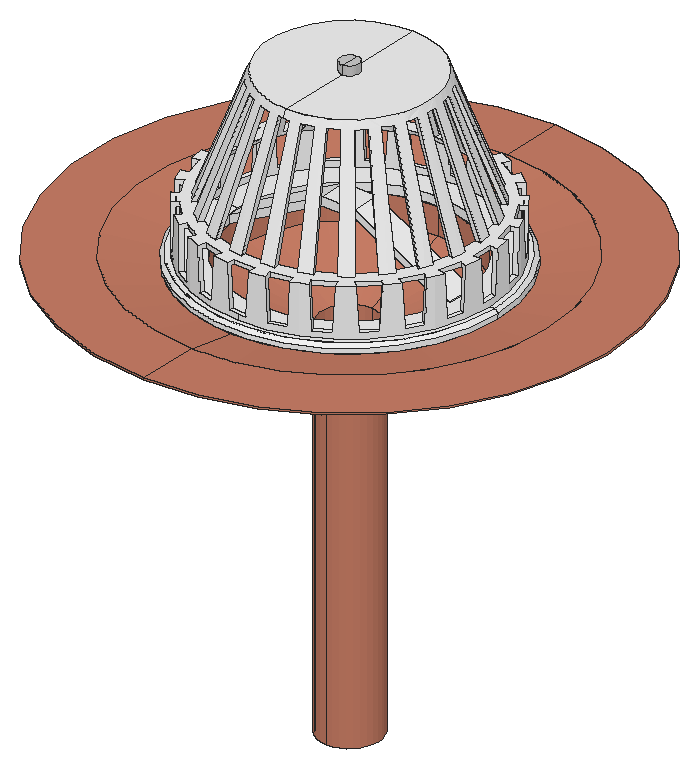
Revit family "Plumbing_Drainage_Menzies-Metal_Clamp-Tite_Copper-Drain", category Plumbing Fixtures, host Face, Revit 2015
Parameters (values of type "2"")
  Weight = 5.25 lbf
  URL = "https://www.menzies-metal.com/"
  Product data url = "https://bimobject.com/menzies-metal/product/clamptite-copper"
  Product Material = Metal - Menzies Metal Products - Copper
  Product Guid = "18a5b31f-90d6-4a0e-9824-848576e72154"
  Pipe Length Note = "Longer pipes available.  Pipes can be field cut to the desired length."  # constant formula
  Pipe Length = 0' - 11"
  Pipe Diameter = 1 3/4"
  Model = "300-3165"
  Manufacturer = "Menzies Metal Products"  # constant formula
  Edition number = 1
  Drain Flow = 0 GPM
  Description = "Clamp-Tite Spun Copper Drain"  # constant formula
  Default Elevation = 4' - 0"
  Assembly Code = "D2040200"
Types (3): name | Weight | Pipe Diameter | Model
  2" | 5.25 lbf | 1 3/4" | "300-3165"
  3" | 5.95 lbf | 2 3/4" | "300-3166"
  4" | 6.50 lbf | 3 3/4" | "300-3167"
Reference planes (in)
  plane 1 "Center (Front/Back)": y = 0
  plane 2: z = 0
  plane 3 "Center (Left/Right)": x = 0
  plane 4: z = -12.94133
  plane 5: y = 0.875
  plane 6: y = -0.875
  plane 7: y = 0.40591
  plane 8: y = -0.40591
  plane 9: z = -1.94133
  plane 10: z = 0.05867
Forms (in)
  Revolve 1, solid, material "Metal - Menzies Metal Products - Aluminum", detail levels coarse
    sketch origin (0, 0, 0) x (0, 1, 0) y (0, 0, 1)
      loop
        line (2.40013, 4.98) -> (0, 4.98) -> (0, 0.05387) -> (4.23823, 0.05387) -> (4.23823, 1.48) -> (3.74365, 1.48) -> (2.40013, 4.98)
      axis (0, 4.98) -> (0, 0.05387)
    angle from 0 to 360
  Revolve 2, solid, material "Metal - Menzies Metal Products - Copper" <- "Product Material", detail levels coarse
    sketch origin (0, 0, 0) x (0, 1, 0) y (0, 0, 1)
      loop
        line (7.812, 0.05) -> (0, 0.05) -> (0, -12.94133) -> (0.875, -12.94133) -> (0.875, -1.863) -> (3.425, -0.98037) -> (3.425, -0.25) -> (4.5, -0.25) -> (6, 0) -> (7.812, 0) -> (7.812, 0.05)
      axis (0, 0.05) -> (0, -12.94133)
    angle from 0 to 360
  Revolve 3, solid, material "Metal - Menzies Metal Products - Stainless Steel", detail levels medium+fine
    sketch origin (0, 0, 0) x (0, 1, 0) y (0, 0, 1)
      loop
        line (0.27255, 5.23) -> (0, 5.23) -> (0, 0.98) -> (0.11813, 0.98) -> (0.11813, 4.98) -> (0.27255, 4.98) -> (0.27255, 5.23)
      axis (0, 5.23) -> (0, 0.98)
    angle from 0 to 360
  Revolve 4, solid, material "Metal - Menzies Metal Products - Aluminum", detail levels medium+fine
    sketch origin (0, 0, 0) x (0, 1, 0) y (0, 0, 1)
      loop
        line (2.40013, 4.98) -> (0, 4.98) -> (0, 4.855) -> (2.31422, 4.855) -> (3.65774, 1.355) -> (4.11323, 1.355) -> (4.11323, 0.05387) -> (4.23823, 0.05387) -> (4.23823, 1.48) -> (3.74365, 1.48) -> (2.40013, 4.98)
      axis (0, 4.98) -> (0, 0.05387)
    angle from 0 to 360
  Extrusion 5, void
    sketch origin (0, 0, 0) x (-1, 0, 0) y (0, 0, 1)
      loop
        line (0.17396, 4.76) -> (-0.17396, 4.76) -> (-0.2885, 1.48) -> (0.2885, 1.48) -> (0.17396, 4.76)
    from -4.68215 to -1.5
  Extrusion 6, void
    sketch origin (0, 0, 0) x (1, 0, 0) y (0, 0, 1)
      loop
        line (-0.25077, 0.23171) -> (0.25077, 0.23171) -> (0.31619, 1.48) -> (-0.31619, 1.48) -> (-0.25077, 0.23171)
    from 4.0004 to 4.40138
  Extrusion 7, void
    sketch origin (0, 0, 0) x (-0.965926, -0.258819, 0) y (0, 0, 1)
      loop
        line (0.17396, 4.76) -> (-0.17396, 4.76) -> (-0.2885, 1.48) -> (0.2885, 1.48) -> (0.17396, 4.76)
    from -4.68215 to -1.5
  Extrusion 8, void
    sketch origin (0, 0, 0) x (0.965926, 0.258819, 0) y (0, 0, 1)
      loop
        line (-0.25077, 0.23171) -> (0.25077, 0.23171) -> (0.31619, 1.48) -> (-0.31619, 1.48) -> (-0.25077, 0.23171)
    from 4.0004 to 4.40138
  Extrusion 9, void
    sketch origin (0, 0, 0) x (-0.866025, -0.5, 0) y (0, 0, 1)
      loop
        line (0.17396, 4.76) -> (-0.17396, 4.76) -> (-0.2885, 1.48) -> (0.2885, 1.48) -> (0.17396, 4.76)
    from -4.68215 to -1.5
  Extrusion 10, void
    sketch origin (0, 0, 0) x (0.866025, 0.5, 0) y (0, 0, 1)
      loop
        line (-0.25077, 0.23171) -> (0.25077, 0.23171) -> (0.31619, 1.48) -> (-0.31619, 1.48) -> (-0.25077, 0.23171)
    from 4.0004 to 4.40138
  Extrusion 11, void
    sketch origin (0, 0, 0) x (-0.707107, -0.707107, 0) y (0, 0, 1)
      loop
        line (0.17396, 4.76) -> (-0.17396, 4.76) -> (-0.2885, 1.48) -> (0.2885, 1.48) -> (0.17396, 4.76)
    from -4.68215 to -1.5
  Extrusion 12, void
    sketch origin (0, 0, 0) x (0.707107, 0.707107, 0) y (0, 0, 1)
      loop
        line (-0.25077, 0.23171) -> (0.25077, 0.23171) -> (0.31619, 1.48) -> (-0.31619, 1.48) -> (-0.25077, 0.23171)
    from 4.0004 to 4.40138
  Extrusion 13, void
    sketch origin (0, 0, 0) x (-0.5, -0.866025, 0) y (0, 0, 1)
      loop
        line (0.17396, 4.76) -> (-0.17396, 4.76) -> (-0.2885, 1.48) -> (0.2885, 1.48) -> (0.17396, 4.76)
    from -4.68215 to -1.5
  Extrusion 14, void
    sketch origin (0, 0, 0) x (0.5, 0.866025, 0) y (0, 0, 1)
      loop
        line (-0.25077, 0.23171) -> (0.25077, 0.23171) -> (0.31619, 1.48) -> (-0.31619, 1.48) -> (-0.25077, 0.23171)
    from 4.0004 to 4.40138
  Extrusion 15, void
    sketch origin (0, 0, 0) x (-0.258819, -0.965926, 0) y (0, 0, 1)
      loop
        line (0.17396, 4.76) -> (-0.17396, 4.76) -> (-0.2885, 1.48) -> (0.2885, 1.48) -> (0.17396, 4.76)
    from -4.68215 to -1.5
  Extrusion 16, void
    sketch origin (0, 0, 0) x (0.258819, 0.965926, 0) y (0, 0, 1)
      loop
        line (-0.25077, 0.23171) -> (0.25077, 0.23171) -> (0.31619, 1.48) -> (-0.31619, 1.48) -> (-0.25077, 0.23171)
    from 4.0004 to 4.40138
  Extrusion 17, void
    sketch origin (0, 0, 0) x (0, -1, 0) y (0, 0, 1)
      loop
        line (0.17396, 4.76) -> (-0.17396, 4.76) -> (-0.2885, 1.48) -> (0.2885, 1.48) -> (0.17396, 4.76)
    from -4.68215 to -1.5
  Extrusion 18, void
    sketch origin (0, 0, 0) x (0, 1, 0) y (0, 0, 1)
      loop
        line (-0.25077, 0.23171) -> (0.25077, 0.23171) -> (0.31619, 1.48) -> (-0.31619, 1.48) -> (-0.25077, 0.23171)
    from 4.0004 to 4.40138
  Extrusion 19, void
    sketch origin (0, 0, 0) x (0.258819, -0.965926, 0) y (0, 0, 1)
      loop
        line (0.17396, 4.76) -> (-0.17396, 4.76) -> (-0.2885, 1.48) -> (0.2885, 1.48) -> (0.17396, 4.76)
    from -4.68215 to -1.5
  Extrusion 20, void
    sketch origin (0, 0, 0) x (-0.258819, 0.965926, 0) y (0, 0, 1)
      loop
        line (-0.25077, 0.23171) -> (0.25077, 0.23171) -> (0.31619, 1.48) -> (-0.31619, 1.48) -> (-0.25077, 0.23171)
    from 4.0004 to 4.40138
  Extrusion 21, void
    sketch origin (0, 0, 0) x (0.5, -0.866025, 0) y (0, 0, 1)
      loop
        line (0.17396, 4.76) -> (-0.17396, 4.76) -> (-0.2885, 1.48) -> (0.2885, 1.48) -> (0.17396, 4.76)
    from -4.68215 to -1.5
  Extrusion 22, void
    sketch origin (0, 0, 0) x (-0.5, 0.866025, 0) y (0, 0, 1)
      loop
        line (-0.25077, 0.23171) -> (0.25077, 0.23171) -> (0.31619, 1.48) -> (-0.31619, 1.48) -> (-0.25077, 0.23171)
    from 4.0004 to 4.40138
  Extrusion 23, void
    sketch origin (0, 0, 0) x (0.707107, -0.707107, 0) y (0, 0, 1)
      loop
        line (0.17396, 4.76) -> (-0.17396, 4.76) -> (-0.2885, 1.48) -> (0.2885, 1.48) -> (0.17396, 4.76)
    from -4.68215 to -1.5
  Extrusion 24, void
    sketch origin (0, 0, 0) x (-0.707107, 0.707107, 0) y (0, 0, 1)
      loop
        line (-0.25077, 0.23171) -> (0.25077, 0.23171) -> (0.31619, 1.48) -> (-0.31619, 1.48) -> (-0.25077, 0.23171)
    from 4.0004 to 4.40138
  Extrusion 25, void
    sketch origin (0, 0, 0) x (0.866025, -0.5, 0) y (0, 0, 1)
      loop
        line (0.17396, 4.76) -> (-0.17396, 4.76) -> (-0.2885, 1.48) -> (0.2885, 1.48) -> (0.17396, 4.76)
    from -4.68215 to -1.5
  Extrusion 26, void
    sketch origin (0, 0, 0) x (-0.866025, 0.5, 0) y (0, 0, 1)
      loop
        line (-0.25077, 0.23171) -> (0.25077, 0.23171) -> (0.31619, 1.48) -> (-0.31619, 1.48) -> (-0.25077, 0.23171)
    from 4.0004 to 4.40138
  Extrusion 27, void
    sketch origin (0, 0, 0) x (0.965926, -0.258819, 0) y (0, 0, 1)
      loop
        line (0.17396, 4.76) -> (-0.17396, 4.76) -> (-0.2885, 1.48) -> (0.2885, 1.48) -> (0.17396, 4.76)
    from -4.68215 to -1.5
  Extrusion 28, void
    sketch origin (0, 0, 0) x (-0.965926, 0.258819, 0) y (0, 0, 1)
      loop
        line (-0.25077, 0.23171) -> (0.25077, 0.23171) -> (0.31619, 1.48) -> (-0.31619, 1.48) -> (-0.25077, 0.23171)
    from 4.0004 to 4.40138
  Extrusion 29, void
    sketch origin (0, 0, 0) x (1, 0, 0) y (0, 0, 1)
      loop
        line (0.17396, 4.76) -> (-0.17396, 4.76) -> (-0.2885, 1.48) -> (0.2885, 1.48) -> (0.17396, 4.76)
    from -4.68215 to -1.5
  Extrusion 30, void
    sketch origin (0, 0, 0) x (-1, 0, 0) y (0, 0, 1)
      loop
        line (-0.25077, 0.23171) -> (0.25077, 0.23171) -> (0.31619, 1.48) -> (-0.31619, 1.48) -> (-0.25077, 0.23171)
    from 4.0004 to 4.40138
  Extrusion 31, void
    sketch origin (0, 0, 0) x (0.965926, 0.258819, 0) y (0, 0, 1)
      loop
        line (0.17396, 4.76) -> (-0.17396, 4.76) -> (-0.2885, 1.48) -> (0.2885, 1.48) -> (0.17396, 4.76)
    from -4.68215 to -1.5
  Extrusion 32, void
    sketch origin (0, 0, 0) x (-0.965926, -0.258819, 0) y (0, 0, 1)
      loop
        line (-0.25077, 0.23171) -> (0.25077, 0.23171) -> (0.31619, 1.48) -> (-0.31619, 1.48) -> (-0.25077, 0.23171)
    from 4.0004 to 4.40138
  Extrusion 33, void
    sketch origin (0, 0, 0) x (0.866025, 0.5, 0) y (0, 0, 1)
      loop
        line (0.17396, 4.76) -> (-0.17396, 4.76) -> (-0.2885, 1.48) -> (0.2885, 1.48) -> (0.17396, 4.76)
    from -4.68215 to -1.5
  Extrusion 34, void
    sketch origin (0, 0, 0) x (-0.866025, -0.5, 0) y (0, 0, 1)
      loop
        line (-0.25077, 0.23171) -> (0.25077, 0.23171) -> (0.31619, 1.48) -> (-0.31619, 1.48) -> (-0.25077, 0.23171)
    from 4.0004 to 4.40138
  Extrusion 35, void
    sketch origin (0, 0, 0) x (0.707107, 0.707107, 0) y (0, 0, 1)
      loop
        line (0.17396, 4.76) -> (-0.17396, 4.76) -> (-0.2885, 1.48) -> (0.2885, 1.48) -> (0.17396, 4.76)
    from -4.68215 to -1.5
  Extrusion 36, void
    sketch origin (0, 0, 0) x (-0.707107, -0.707107, 0) y (0, 0, 1)
      loop
        line (-0.25077, 0.23171) -> (0.25077, 0.23171) -> (0.31619, 1.48) -> (-0.31619, 1.48) -> (-0.25077, 0.23171)
    from 4.0004 to 4.40138
  Extrusion 37, void
    sketch origin (0, 0, 0) x (0.5, 0.866025, 0) y (0, 0, 1)
      loop
        line (0.17396, 4.76) -> (-0.17396, 4.76) -> (-0.2885, 1.48) -> (0.2885, 1.48) -> (0.17396, 4.76)
    from -4.68215 to -1.5
  Extrusion 38, void
    sketch origin (0, 0, 0) x (-0.5, -0.866025, 0) y (0, 0, 1)
      loop
        line (-0.25077, 0.23171) -> (0.25077, 0.23171) -> (0.31619, 1.48) -> (-0.31619, 1.48) -> (-0.25077, 0.23171)
    from 4.0004 to 4.40138
  Extrusion 39, void
    sketch origin (0, 0, 0) x (0.258819, 0.965926, 0) y (0, 0, 1)
      loop
        line (0.17396, 4.76) -> (-0.17396, 4.76) -> (-0.2885, 1.48) -> (0.2885, 1.48) -> (0.17396, 4.76)
    from -4.68215 to -1.5
  Extrusion 40, void
    sketch origin (0, 0, 0) x (-0.258819, -0.965926, 0) y (0, 0, 1)
      loop
        line (-0.25077, 0.23171) -> (0.25077, 0.23171) -> (0.31619, 1.48) -> (-0.31619, 1.48) -> (-0.25077, 0.23171)
    from 4.0004 to 4.40138
  Extrusion 41, void
    sketch origin (0, 0, 0) x (0, 1, 0) y (0, 0, 1)
      loop
        line (0.17396, 4.76) -> (-0.17396, 4.76) -> (-0.2885, 1.48) -> (0.2885, 1.48) -> (0.17396, 4.76)
    from -4.68215 to -1.5
  Extrusion 42, void
    sketch origin (0, 0, 0) x (0, -1, 0) y (0, 0, 1)
      loop
        line (-0.25077, 0.23171) -> (0.25077, 0.23171) -> (0.31619, 1.48) -> (-0.31619, 1.48) -> (-0.25077, 0.23171)
    from 4.0004 to 4.40138
  Extrusion 43, void
    sketch origin (0, 0, 0) x (-0.258819, 0.965926, 0) y (0, 0, 1)
      loop
        line (0.17396, 4.76) -> (-0.17396, 4.76) -> (-0.2885, 1.48) -> (0.2885, 1.48) -> (0.17396, 4.76)
    from -4.68215 to -1.5
  Extrusion 44, void
    sketch origin (0, 0, 0) x (0.258819, -0.965926, 0) y (0, 0, 1)
      loop
        line (-0.25077, 0.23171) -> (0.25077, 0.23171) -> (0.31619, 1.48) -> (-0.31619, 1.48) -> (-0.25077, 0.23171)
    from 4.0004 to 4.40138
  Extrusion 45, void
    sketch origin (0, 0, 0) x (-0.5, 0.866025, 0) y (0, 0, 1)
      loop
        line (0.17396, 4.76) -> (-0.17396, 4.76) -> (-0.2885, 1.48) -> (0.2885, 1.48) -> (0.17396, 4.76)
    from -4.68215 to -1.5
  Extrusion 46, void
    sketch origin (0, 0, 0) x (0.5, -0.866025, 0) y (0, 0, 1)
      loop
        line (-0.25077, 0.23171) -> (0.25077, 0.23171) -> (0.31619, 1.48) -> (-0.31619, 1.48) -> (-0.25077, 0.23171)
    from 4.0004 to 4.40138
  Extrusion 47, void
    sketch origin (0, 0, 0) x (-0.707107, 0.707107, 0) y (0, 0, 1)
      loop
        line (0.17396, 4.76) -> (-0.17396, 4.76) -> (-0.2885, 1.48) -> (0.2885, 1.48) -> (0.17396, 4.76)
    from -4.68215 to -1.5
  Extrusion 48, void
    sketch origin (0, 0, 0) x (0.707107, -0.707107, 0) y (0, 0, 1)
      loop
        line (-0.25077, 0.23171) -> (0.25077, 0.23171) -> (0.31619, 1.48) -> (-0.31619, 1.48) -> (-0.25077, 0.23171)
    from 4.0004 to 4.40138
  Extrusion 49, void
    sketch origin (0, 0, 0) x (-0.866025, 0.5, 0) y (0, 0, 1)
      loop
        line (0.17396, 4.76) -> (-0.17396, 4.76) -> (-0.2885, 1.48) -> (0.2885, 1.48) -> (0.17396, 4.76)
    from -4.68215 to -1.5
  Extrusion 50, void
    sketch origin (0, 0, 0) x (0.866025, -0.5, 0) y (0, 0, 1)
      loop
        line (-0.25077, 0.23171) -> (0.25077, 0.23171) -> (0.31619, 1.48) -> (-0.31619, 1.48) -> (-0.25077, 0.23171)
    from 4.0004 to 4.40138
  Extrusion 51, void
    sketch origin (0, 0, 0) x (-0.965926, 0.258819, 0) y (0, 0, 1)
      loop
        line (0.17396, 4.76) -> (-0.17396, 4.76) -> (-0.2885, 1.48) -> (0.2885, 1.48) -> (0.17396, 4.76)
    from -4.68215 to -1.5
  Extrusion 52, void
    sketch origin (0, 0, 0) x (0.965926, -0.258819, 0) y (0, 0, 1)
      loop
        line (-0.25077, 0.23171) -> (0.25077, 0.23171) -> (0.31619, 1.48) -> (-0.31619, 1.48) -> (-0.25077, 0.23171)
    from 4.0004 to 4.40138
  Extrusion 53, solid, material "Metal - Menzies Metal Products - Aluminum", detail levels medium+fine
    sketch origin (0, 0, 0) x (1, 0, 0) y (0, 0, 1)
      loop
        line (-3.375, 0.05) -> (-3.375, -0.19772) -> (-0.50436, 1.3) -> (0.50436, 1.3) -> (3.375, -0.19772) -> (3.375, 0.05) -> (0.5, 1.55) -> (-0.5, 1.55) -> (-3.375, 0.05)
    from -0.40591 to 0.40591
  Revolve 54, solid, material "Metal - Menzies Metal Products - Aluminum", detail levels medium+fine
    sketch origin (0, 0, 0) x (1, 0, 0) y (0, 0, 1)
      loop
        line (-3.375, -0.19772) -> (-3.375, 0.05) -> (-4.39127, 0.05) -> (-4.4953, -0.05403) -> (-4.50032, -0.19772) -> (-3.375, -0.19772)
      axis (0, 0.05) -> (0, -0.19772)
    angle from 0 to 360
  Revolve 55, solid, material "Metal - Menzies Metal Products - Copper" <- "Product Material", detail levels medium+fine
    sketch origin (0, 0, 0) x (0, 1, 0) y (0, 0, 1)
      loop
        line (0.875, -1.863) -> (3.425, -0.98037) -> (3.425, -0.25) -> (4.5, -0.25) -> (6, 0) -> (7.812, 0) -> (7.812, 0.05) -> (5.98665, 0.05) -> (4.50032, -0.19772) -> (3.34462, -0.19772) -> (3.34462, -0.98037) -> (0.82422, -1.84466) -> (0.82422, -12.94133) -> (0.875, -12.94133) -> (0.875, -1.863)
      axis (0, 0.05) -> (0, -12.94133)
    angle from 0 to 360
  Revolve 56, void
    sketch origin (0, 0, 0) x (0, 1, 0) y (0, 0, 1)
      loop
        line (0.875, -12.94133) -> (0.875, -1.863) -> (6, 0) -> (0, 0) -> (0, -12.94133) -> (0.875, -12.94133)
      axis (0, 0) -> (0, -12.94133)
    angle from 0 to 360
Cuts and joins
  Extrusion 5, Extrusion 6, Extrusion 7, Extrusion 8, Extrusion 9, Extrusion 10, Extrusion 11, Extrusion 12, Extrusion 13, Extrusion 14, Extrusion 15, Extrusion 16, Extrusion 17, Extrusion 18, Extrusion 19, Extrusion 20, Extrusion 21, Extrusion 22, Extrusion 23, Extrusion 24, Extrusion 25, Extrusion 26, Extrusion 27, Extrusion 28, Extrusion 29, Extrusion 30, Extrusion 31, Extrusion 32, Extrusion 33, Extrusion 34, Extrusion 35, Extrusion 36, Extrusion 37, Extrusion 38, Extrusion 39, Extrusion 40, Extrusion 41, Extrusion 42, Extrusion 43, Extrusion 44, Extrusion 45, Extrusion 46, Extrusion 47, Extrusion 48, Extrusion 49, Extrusion 50, Extrusion 51, Extrusion 52 cuts Revolve 4
Lines and regions (in)
  Masking region 1
    outline origin (0, 0, 0) x (1, 0, 0) y (0, 1, 0)
      loop
        circle (0, 0) r 7.812
  symbolic lines, detail levels medium+fine
    curve 1: arc (4.39127, 0, 0) -> (0, 4.39127, 0) -> (-4.39127, 0, 0) r 4.39127
    curve 2: arc (-4.39127, 0, 0) -> (0, -4.39127, 0) -> (4.39127, 0, 0) r 4.39127
  symbolic lines, style "PlumbingFixturesHiddenLines", detail levels medium+fine
    curve 3: arc (0, -0.875, 0) -> (0.875, 0, 0) -> (0, 0.875, 0) r 0.875
    curve 4: arc (0, 0.875, 0) -> (-0.875, 0, 0) -> (0, -0.875, 0) r 0.875
Dimensions and locks (in)
  Revolve 1 sketch curve to Revolve 1 sketch curve to Revolve 1 sketch curve to Revolve 1 sketch curve = 0' - 0.49457" locked, 0' - 1.34352" locked, 0' - 2.40013" locked
  Revolve 1 sketch curve to Revolve 1 sketch curve to Revolve 1 sketch curve to level = 0' - 3 1/2" locked, 0' - 1.42613" locked, 0' - 0.05387" locked
  equal spacing: plane 5, plane 1 "Center (Front/Back)", plane 6
  "Pipe Diameter": plane 5 to plane 6
  Revolve 2 sketch curve to level to host face to Revolve 2 sketch curve to Revolve 2 sketch curve = 0' - 0.05" locked, 0' - 0" locked, 0' - 0 1/4" locked, 0' - 0.73037" locked
  locked: level to Revolve 2 sketch curve at 1.863
  Revolve 2 sketch curve to Revolve 2 sketch curve to Revolve 2 sketch curve to Revolve 2 sketch curve to plane 1 "Center (Front/Back)" = 0' - 1.812" locked, 0' - 1 1/2" locked, 0' - 1.075" locked, 0' - 3.425" locked
  Revolve 3 sketch curve to Revolve 3 sketch curve to Revolve 3 sketch curve to Revolve 3 sketch curve = 0' - 0.15442", 0' - 0.11813" locked, 0' - 0" locked
  Revolve 3 sketch curve to Revolve 3 sketch curve to Revolve 3 sketch curve to plane 2 = 0' - 0 1/4" locked, 0' - 4" locked, 0' - 0.98" locked
  Revolve 4 sketch curve to Revolve 4 sketch curve to Revolve 4 sketch curve to Revolve 4 sketch curve to Revolve 4 sketch curve to Revolve 4 sketch curve to plane 1 "Center (Front/Back)" = 0' - 0 1/8" locked, 0' - 0.36957" locked, 0' - 0.08591" locked, 0' - 1.25761" locked, 0' - 0.08591" locked, 0' - 2.31422" locked
  Revolve 4 sketch curve to Revolve 4 sketch curve to level = 0' - 3 1/2" locked, 0' - 1.355" locked
  Extrusion 5 sketch curve to Extrusion 5 sketch curve to Extrusion 5 sketch curve to Extrusion 5 sketch curve = 0' - 0.11454", 0' - 0.34792" locked, 0' - 0.11454"
  locked: Extrusion 5 sketch curve to Extrusion 5 sketch curve at 3.28
  Extrusion 6 sketch curve to Extrusion 6 sketch curve to Extrusion 6 sketch curve to Extrusion 6 sketch curve = 0' - 0.06542" locked, 0' - 0.50155" locked, 0' - 0.06542" locked
  locked: Extrusion 6 sketch curve to Extrusion 6 sketch curve at 1.24829
  Extrusion 7 sketch curve to Extrusion 7 sketch curve to Extrusion 7 sketch curve to Extrusion 7 sketch curve = 0' - 0.11454", 0' - 0.34792" locked, 0' - 0.11454"
  locked: Extrusion 7 sketch curve to Extrusion 7 sketch curve at 3.28
  Extrusion 8 sketch curve to Extrusion 8 sketch curve to Extrusion 8 sketch curve to Extrusion 8 sketch curve = 0' - 0.06542" locked, 0' - 0.50155" locked, 0' - 0.06542" locked
  locked: Extrusion 8 sketch curve to Extrusion 8 sketch curve at 1.24829
  Extrusion 9 sketch curve to Extrusion 9 sketch curve to Extrusion 9 sketch curve to Extrusion 9 sketch curve = 0' - 0.11454", 0' - 0.34792" locked, 0' - 0.11454"
  locked: Extrusion 9 sketch curve to Extrusion 9 sketch curve at 3.28
  Extrusion 10 sketch curve to Extrusion 10 sketch curve to Extrusion 10 sketch curve to Extrusion 10 sketch curve = 0' - 0.06542" locked, 0' - 0.50155" locked, 0' - 0.06542" locked
  locked: Extrusion 10 sketch curve to Extrusion 10 sketch curve at 1.24829
  Extrusion 11 sketch curve to Extrusion 11 sketch curve to Extrusion 11 sketch curve to Extrusion 11 sketch curve = 0' - 0.11454", 0' - 0.34792" locked, 0' - 0.11454"
  locked: Extrusion 11 sketch curve to Extrusion 11 sketch curve at 3.28
  Extrusion 12 sketch curve to Extrusion 12 sketch curve to Extrusion 12 sketch curve to Extrusion 12 sketch curve = 0' - 0.06542" locked, 0' - 0.50155" locked, 0' - 0.06542" locked
  locked: Extrusion 12 sketch curve to Extrusion 12 sketch curve at 1.24829
  Extrusion 13 sketch curve to Extrusion 13 sketch curve to Extrusion 13 sketch curve to Extrusion 13 sketch curve = 0' - 0.11454", 0' - 0.34792" locked, 0' - 0.11454"
  locked: Extrusion 13 sketch curve to Extrusion 13 sketch curve at 3.28
  Extrusion 14 sketch curve to Extrusion 14 sketch curve to Extrusion 14 sketch curve to Extrusion 14 sketch curve = 0' - 0.06542" locked, 0' - 0.50155" locked, 0' - 0.06542" locked
  locked: Extrusion 14 sketch curve to Extrusion 14 sketch curve at 1.24829
  Extrusion 15 sketch curve to Extrusion 15 sketch curve to Extrusion 15 sketch curve to Extrusion 15 sketch curve = 0' - 0.11454", 0' - 0.34792" locked, 0' - 0.11454"
  locked: Extrusion 15 sketch curve to Extrusion 15 sketch curve at 3.28
  Extrusion 16 sketch curve to Extrusion 16 sketch curve to Extrusion 16 sketch curve to Extrusion 16 sketch curve = 0' - 0.06542" locked, 0' - 0.50155" locked, 0' - 0.06542" locked
  locked: Extrusion 16 sketch curve to Extrusion 16 sketch curve at 1.24829
  Extrusion 17 sketch curve to Extrusion 17 sketch curve to Extrusion 17 sketch curve to Extrusion 17 sketch curve = 0' - 0.11454", 0' - 0.34792" locked, 0' - 0.11454"
  locked: Extrusion 17 sketch curve to Extrusion 17 sketch curve at 3.28
  Extrusion 18 sketch curve to Extrusion 18 sketch curve to Extrusion 18 sketch curve to Extrusion 18 sketch curve = 0' - 0.06542" locked, 0' - 0.50155" locked, 0' - 0.06542" locked
  locked: Extrusion 18 sketch curve to Extrusion 18 sketch curve at 1.24829
  Extrusion 19 sketch curve to Extrusion 19 sketch curve to Extrusion 19 sketch curve to Extrusion 19 sketch curve = 0' - 0.11454", 0' - 0.34792" locked, 0' - 0.11454"
  locked: Extrusion 19 sketch curve to Extrusion 19 sketch curve at 3.28
  Extrusion 20 sketch curve to Extrusion 20 sketch curve to Extrusion 20 sketch curve to Extrusion 20 sketch curve = 0' - 0.06542" locked, 0' - 0.50155" locked, 0' - 0.06542" locked
  locked: Extrusion 20 sketch curve to Extrusion 20 sketch curve at 1.24829
  Extrusion 21 sketch curve to Extrusion 21 sketch curve to Extrusion 21 sketch curve to Extrusion 21 sketch curve = 0' - 0.11454", 0' - 0.34792" locked, 0' - 0.11454"
  locked: Extrusion 21 sketch curve to Extrusion 21 sketch curve at 3.28
  Extrusion 22 sketch curve to Extrusion 22 sketch curve to Extrusion 22 sketch curve to Extrusion 22 sketch curve = 0' - 0.06542" locked, 0' - 0.50155" locked, 0' - 0.06542" locked
  locked: Extrusion 22 sketch curve to Extrusion 22 sketch curve at 1.24829
  Extrusion 23 sketch curve to Extrusion 23 sketch curve to Extrusion 23 sketch curve to Extrusion 23 sketch curve = 0' - 0.11454", 0' - 0.34792" locked, 0' - 0.11454"
  locked: Extrusion 23 sketch curve to Extrusion 23 sketch curve at 3.28
  Extrusion 24 sketch curve to Extrusion 24 sketch curve to Extrusion 24 sketch curve to Extrusion 24 sketch curve = 0' - 0.06542" locked, 0' - 0.50155" locked, 0' - 0.06542" locked
  locked: Extrusion 24 sketch curve to Extrusion 24 sketch curve at 1.24829
  Extrusion 25 sketch curve to Extrusion 25 sketch curve to Extrusion 25 sketch curve to Extrusion 25 sketch curve = 0' - 0.11454", 0' - 0.34792" locked, 0' - 0.11454"
  locked: Extrusion 25 sketch curve to Extrusion 25 sketch curve at 3.28
  Extrusion 26 sketch curve to Extrusion 26 sketch curve to Extrusion 26 sketch curve to Extrusion 26 sketch curve = 0' - 0.06542" locked, 0' - 0.50155" locked, 0' - 0.06542" locked
  locked: Extrusion 26 sketch curve to Extrusion 26 sketch curve at 1.24829
  Extrusion 27 sketch curve to Extrusion 27 sketch curve to Extrusion 27 sketch curve to Extrusion 27 sketch curve = 0' - 0.11454", 0' - 0.34792" locked, 0' - 0.11454"
  locked: Extrusion 27 sketch curve to Extrusion 27 sketch curve at 3.28
  Extrusion 28 sketch curve to Extrusion 28 sketch curve to Extrusion 28 sketch curve to Extrusion 28 sketch curve = 0' - 0.06542" locked, 0' - 0.50155" locked, 0' - 0.06542" locked
  locked: Extrusion 28 sketch curve to Extrusion 28 sketch curve at 1.24829
  Extrusion 29 sketch curve to Extrusion 29 sketch curve to Extrusion 29 sketch curve to Extrusion 29 sketch curve = 0' - 0.11454", 0' - 0.34792" locked, 0' - 0.11454"
  locked: Extrusion 29 sketch curve to Extrusion 29 sketch curve at 3.28
  Extrusion 30 sketch curve to Extrusion 30 sketch curve to Extrusion 30 sketch curve to Extrusion 30 sketch curve = 0' - 0.06542" locked, 0' - 0.50155" locked, 0' - 0.06542" locked
  locked: Extrusion 30 sketch curve to Extrusion 30 sketch curve at 1.24829
  Extrusion 31 sketch curve to Extrusion 31 sketch curve to Extrusion 31 sketch curve to Extrusion 31 sketch curve = 0' - 0.11454", 0' - 0.34792" locked, 0' - 0.11454"
  locked: Extrusion 31 sketch curve to Extrusion 31 sketch curve at 3.28
  Extrusion 32 sketch curve to Extrusion 32 sketch curve to Extrusion 32 sketch curve to Extrusion 32 sketch curve = 0' - 0.06542" locked, 0' - 0.50155" locked, 0' - 0.06542" locked
  locked: Extrusion 32 sketch curve to Extrusion 32 sketch curve at 1.24829
  Extrusion 33 sketch curve to Extrusion 33 sketch curve to Extrusion 33 sketch curve to Extrusion 33 sketch curve = 0' - 0.11454", 0' - 0.34792" locked, 0' - 0.11454"
  locked: Extrusion 33 sketch curve to Extrusion 33 sketch curve at 3.28
  Extrusion 34 sketch curve to Extrusion 34 sketch curve to Extrusion 34 sketch curve to Extrusion 34 sketch curve = 0' - 0.06542" locked, 0' - 0.50155" locked, 0' - 0.06542" locked
  locked: Extrusion 34 sketch curve to Extrusion 34 sketch curve at 1.24829
  Extrusion 35 sketch curve to Extrusion 35 sketch curve to Extrusion 35 sketch curve to Extrusion 35 sketch curve = 0' - 0.11454", 0' - 0.34792" locked, 0' - 0.11454"
  locked: Extrusion 35 sketch curve to Extrusion 35 sketch curve at 3.28
  Extrusion 36 sketch curve to Extrusion 36 sketch curve to Extrusion 36 sketch curve to Extrusion 36 sketch curve = 0' - 0.06542" locked, 0' - 0.50155" locked, 0' - 0.06542" locked
  locked: Extrusion 36 sketch curve to Extrusion 36 sketch curve at 1.24829
  Extrusion 37 sketch curve to Extrusion 37 sketch curve to Extrusion 37 sketch curve to Extrusion 37 sketch curve = 0' - 0.11454", 0' - 0.34792" locked, 0' - 0.11454"
  locked: Extrusion 37 sketch curve to Extrusion 37 sketch curve at 3.28
  Extrusion 38 sketch curve to Extrusion 38 sketch curve to Extrusion 38 sketch curve to Extrusion 38 sketch curve = 0' - 0.06542" locked, 0' - 0.50155" locked, 0' - 0.06542" locked
  locked: Extrusion 38 sketch curve to Extrusion 38 sketch curve at 1.24829
  Extrusion 39 sketch curve to Extrusion 39 sketch curve to Extrusion 39 sketch curve to Extrusion 39 sketch curve = 0' - 0.11454", 0' - 0.34792" locked, 0' - 0.11454"
  locked: Extrusion 39 sketch curve to Extrusion 39 sketch curve at 3.28
  Extrusion 40 sketch curve to Extrusion 40 sketch curve to Extrusion 40 sketch curve to Extrusion 40 sketch curve = 0' - 0.06542" locked, 0' - 0.50155" locked, 0' - 0.06542" locked
  locked: Extrusion 40 sketch curve to Extrusion 40 sketch curve at 1.24829
  Extrusion 41 sketch curve to Extrusion 41 sketch curve to Extrusion 41 sketch curve to Extrusion 41 sketch curve = 0' - 0.11454", 0' - 0.34792" locked, 0' - 0.11454"
  locked: Extrusion 41 sketch curve to Extrusion 41 sketch curve at 3.28
  Extrusion 42 sketch curve to Extrusion 42 sketch curve to Extrusion 42 sketch curve to Extrusion 42 sketch curve = 0' - 0.06542" locked, 0' - 0.50155" locked, 0' - 0.06542" locked
  locked: Extrusion 42 sketch curve to Extrusion 42 sketch curve at 1.24829
  Extrusion 43 sketch curve to Extrusion 43 sketch curve to Extrusion 43 sketch curve to Extrusion 43 sketch curve = 0' - 0.11454", 0' - 0.34792" locked, 0' - 0.11454"
  locked: Extrusion 43 sketch curve to Extrusion 43 sketch curve at 3.28
  Extrusion 44 sketch curve to Extrusion 44 sketch curve to Extrusion 44 sketch curve to Extrusion 44 sketch curve = 0' - 0.06542" locked, 0' - 0.50155" locked, 0' - 0.06542" locked
  locked: Extrusion 44 sketch curve to Extrusion 44 sketch curve at 1.24829
  Extrusion 45 sketch curve to Extrusion 45 sketch curve to Extrusion 45 sketch curve to Extrusion 45 sketch curve = 0' - 0.11454", 0' - 0.34792" locked, 0' - 0.11454"
  locked: Extrusion 45 sketch curve to Extrusion 45 sketch curve at 3.28
  Extrusion 46 sketch curve to Extrusion 46 sketch curve to Extrusion 46 sketch curve to Extrusion 46 sketch curve = 0' - 0.06542" locked, 0' - 0.50155" locked, 0' - 0.06542" locked
  locked: Extrusion 46 sketch curve to Extrusion 46 sketch curve at 1.24829
  Extrusion 47 sketch curve to Extrusion 47 sketch curve to Extrusion 47 sketch curve to Extrusion 47 sketch curve = 0' - 0.11454", 0' - 0.34792" locked, 0' - 0.11454"
  locked: Extrusion 47 sketch curve to Extrusion 47 sketch curve at 3.28
  Extrusion 48 sketch curve to Extrusion 48 sketch curve to Extrusion 48 sketch curve to Extrusion 48 sketch curve = 0' - 0.06542" locked, 0' - 0.50155" locked, 0' - 0.06542" locked
  locked: Extrusion 48 sketch curve to Extrusion 48 sketch curve at 1.24829
  Extrusion 49 sketch curve to Extrusion 49 sketch curve to Extrusion 49 sketch curve to Extrusion 49 sketch curve = 0' - 0.11454", 0' - 0.34792" locked, 0' - 0.11454"
  locked: Extrusion 49 sketch curve to Extrusion 49 sketch curve at 3.28
  Extrusion 50 sketch curve to Extrusion 50 sketch curve to Extrusion 50 sketch curve to Extrusion 50 sketch curve = 0' - 0.06542" locked, 0' - 0.50155" locked, 0' - 0.06542" locked
  locked: Extrusion 50 sketch curve to Extrusion 50 sketch curve at 1.24829
  Extrusion 51 sketch curve to Extrusion 51 sketch curve to Extrusion 51 sketch curve to Extrusion 51 sketch curve = 0' - 0.11454", 0' - 0.34792" locked, 0' - 0.11454"
  locked: Extrusion 51 sketch curve to Extrusion 51 sketch curve at 3.28
  Extrusion 52 sketch curve to Extrusion 52 sketch curve to Extrusion 52 sketch curve to Extrusion 52 sketch curve = 0' - 0.06542" locked, 0' - 0.50155" locked, 0' - 0.06542" locked
  locked: Extrusion 52 sketch curve to Extrusion 52 sketch curve at 1.24829
  Extrusion 53 sketch curve to Extrusion 53 sketch curve to Extrusion 53 sketch curve to plane 3 "Center (Left/Right)" to Extrusion 53 sketch curve to Extrusion 53 sketch curve to Extrusion 53 sketch curve = 0' - 2.87064" locked, 0' - 0.00436" locked, 0' - 0 1/2" locked, 0' - 0 1/2" locked, 0' - 0.00436" locked, 0' - 2.87064" locked
  Extrusion 53 sketch curve to Extrusion 53 sketch curve to Extrusion 53 sketch curve to Extrusion 53 sketch curve to level to Extrusion 53 sketch curve to Extrusion 53 sketch curve = 0' - 0 1/4" locked, 0' - 1 1/4" locked, 0' - 0" locked, 0' - 0.05" locked, 0' - 0.19772" locked, 0' - 0" locked
  equal spacing: plane 8, plane 1 "Center (Front/Back)", plane 7
  locked: plane 7 to plane 8 at 0.81181
  Revolve 54 sketch curve to level to Revolve 54 sketch curve to Revolve 54 sketch curve = 0' - 0.05" locked, 0' - 0.05403" locked, 0' - 0.1437" locked
  plane 3 "Center (Left/Right)" to Extrusion 53 to Revolve 54 sketch curve to Revolve 54 sketch curve to Revolve 54 sketch curve = 0' - 3 3/8" locked, 0' - 1.01627" locked, 0' - 0.10403" locked, 0' - 0.00502" locked
  locked: plane 5 to Revolve 55 sketch curve at 0.05078
  Revolve 55 sketch curve to Revolve 55 sketch curve to Revolve 55 sketch curve to Revolve 55 sketch curve to Revolve 55 sketch curve to Revolve 55 sketch curve to Revolve 55 sketch curve to Revolve 55 sketch curve = 0' - 1.812" locked, 0' - 0.01335" locked, 0' - 1.48634" locked, 0' - 0.00032" locked, 0' - 1.075" locked, 0' - 0.08038" locked, 0' - 3.34462" locked
  Revolve 55 sketch curve to level to Revolve 55 sketch curve to Revolve 55 sketch curve to Revolve 55 sketch curve to Revolve 55 sketch curve to Revolve 55 sketch curve to Revolve 55 sketch curve to Revolve 55 sketch curve = 0' - 0.05" locked, 0' - 0" locked, 0' - 0.19772" locked, 0' - 0.05228" locked, 0' - 0.73037" locked, 0' - 0" locked, 0' - 0.86429" locked, 0' - 0.01833" locked
  locked: level to Revolve 56 sketch curve at 1.863
  locked: Revolve 56 sketch curve to Revolve 56 sketch curve at 6
  locked: plane 10 to plane 2 at 0.05867
  locked: plane 10 to plane 9 at 2
  "Pipe Length": plane 9 to plane 4
  aligned and locked: plane 2 to host face
  aligned and locked: level to host face
  aligned and locked: Revolve 2 sketch curve to plane 4
  aligned and locked: Revolve 2 sketch curve to plane 5
  aligned and locked: Revolve 3 sketch curve to plane 1 "Center (Front/Back)"
  aligned and locked: Revolve 4 sketch curve to plane 1 "Center (Front/Back)"
  aligned and locked: Revolve 4 sketch curve to Revolve 1  (x3)
  aligned and locked: plane 1 "Center (Front/Back)" to Revolve 4 sketch curve
  aligned and locked: plane 7 to Extrusion 53
  aligned and locked: Extrusion 53 to plane 8
  aligned and locked: Revolve 54 sketch curve to plane 3 "Center (Left/Right)"
  aligned and locked: Revolve 55 sketch curve to plane 1 "Center (Front/Back)"
  aligned and locked: plane 5 to Revolve 55 sketch curve
  aligned and locked: Revolve 55 sketch curve to plane 4
  aligned and locked: Revolve 56 sketch curve to plane 1 "Center (Front/Back)"
  aligned and locked: Revolve 56 sketch curve to plane 2
  aligned and locked: Revolve 56 sketch curve to plane 4
  aligned and locked: Revolve 56 sketch curve to plane 5
  aligned and locked: Masking region 1 sketch curve to Revolve 55  (x2)
  aligned and locked: curve 1 to Revolve 54
  aligned and locked: curve 2 to Revolve 54
  aligned and locked: curve 3 to Revolve 55
  aligned and locked: curve 4 to Revolve 55
Automatic sketch dimensions
  host sketch curve to host sketch curve = 8' - 0"  (x2)
  Revolve 1 sketch curve to plane 1 "Center (Front/Back)" = 0' - 0"  (x2)
  Revolve 1 sketch curve to plane 4 = 0' - 7.17947"
  Revolve 1 sketch curve to Revolve 1 sketch curve = 7' - 3.29586"
  Revolve 2 sketch curve to plane 1 "Center (Front/Back)" = 0' - 0"  (x2)
  Revolve 2 sketch curve to level = 0' - 0"
  Revolve 2 sketch curve to plane 4 = 0' - 7.17947"
  Revolve 2 sketch curve to Revolve 2 sketch curve = 7' - 8.22586"
  Revolve 3 sketch curve to plane 4 = 1' - 8 1/4"
  Revolve 3 sketch curve to Revolve 3 sketch curve = 7' - 3.04586"
  Revolve 4 sketch curve to plane 4 = 1' - 8 1/4"
  Revolve 4 sketch curve to Revolve 4 sketch curve = 7' - 3.29586"
  Revolve 54 sketch curve to Revolve 54 sketch curve = 0' - 1.01627"
  Revolve 54 sketch curve to plane 4 = 1' - 8 1/4"
  level to Revolve 54 sketch curve = 8' - 6.71882"
  Revolve 55 sketch curve to Revolve 55 sketch curve = 1' - 8 1/4"
  Revolve 55 sketch curve to Revolve 55 sketch curve = 7' - 10.13885"
  Revolve 56 sketch curve to plane 1 "Center (Front/Back)" = 0' - 0"
  Revolve 56 sketch curve to plane 4 = 1' - 8 1/4"
  Revolve 56 sketch curve to Revolve 56 sketch curve = 7' - 8.27586"
  level to Extrusion 31 sketch curve = 0' - 1.48"
  level to Extrusion 32 sketch curve = 0' - 1.48"
  level to Extrusion 21 sketch curve = 0' - 1.48"
  level to Extrusion 22 sketch curve = 0' - 1.48"
Connectors (in)
  piping at (0, 0, -12.94133), diameter 1.75, driven by "Drain Flow", driven by "Pipe Diameter"
    settings: on Revolve 55, index 1, connector inside diameter 24", connector length 0' - 0", flow factor 0, pipe flow 0 GPM, pressure drop 0.00 psi, fitting loss kfactor 0, connector angle 0.00°, fixture units 0, engagement length 0' - 0", angle of deflection 0.00°, flow configuration 0, flow direction 2, fitting loss method 0, system type 22, joint type 0, gender type 0, connector reference index -1, connector utility 0, adjustable connector no, is connector primary yes, connector description "Connector for Roof Drain"
